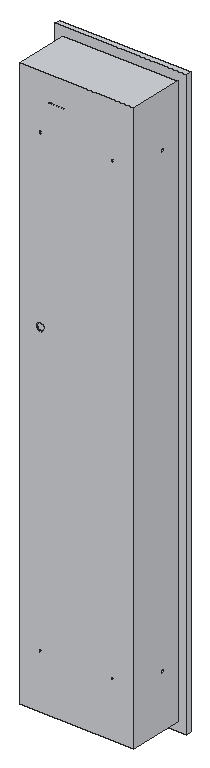
Revit family "AX9243E_0014", category Appareils sanitaires, Revit 2016
Family settings
  Hôte = Mur
  Type d'élément = Normal
  Cote de connecteur circulaire = Utiliser le diamètre
  Numéro OmniClass = 23.75.00.00
  Titre OmniClass = Climate Control (HVAC)
  Toujours verticalement = Oui
  Couper avec des vides une fois chargée = Non
  Partagée = Non
  Point de calcul de pièce = Non
Parameters (values of type "Type 1")
  URL = "http://www.axeuro.com/fr/combines-3-en-1/24819-combine-3-en-1-seche-mains-electronique-distributeur-d-essuie-mains-et-poubelle-ax9243e.html?search_query=ax9243e&results=3"
  Référence / Reference = "AX9243E, AX9243E-MBK"  # constant formula
  Model = ""
  Manufacturer = ""
  Entreprise / Company = "Axeuro"  # constant formula
  Description = "Combiné intégral 3 en 1 / 3 in 1 combo unit"  # constant formula
Reference planes
  plane 1 "Mur": y = 0
  plane 2 "Centre (gauche/droite)": x = 0
  plane 3 "Arrière": y = 75
  plane 4: z = 0
  plane 5: x = 400
  plane 6: z = 1880
  plane 7: x = -400
Forms (mm)
  Extrusion 1, solid
    sketch origin (-314.335, 75, 107.897) x (1, 0, 0) y (0, 0, 1)
      loop
        line (499.335, -1) -> (499.335, 1666) -> (129.335, 1666) -> (129.335, -1) -> (499.335, -1)
    from 0 to -15
  Extrusion 2, solid
    sketch origin (18.373, 75, -5.016) x (1, 0, 0) y (0, 0, 1)
      loop
        line (142.628, 1753.994) -> (-179.373, 1753.994) -> (-179.373, 135.994) -> (142.628, 135.994) -> (142.628, 1753.994)
    from 154 to 0
  Extrusion 3, solid, not visible
    sketch origin (-313.379, 75, 0) x (1, 0, 0) y (0, 0, 1)
      loop
        line (499.335, 0) -> (499.335, 1666) -> (127.335, 1666) -> (127.335, 0) -> (499.335, 0)
    from -150 to -165
  Extrusion 4, solid, not visible
    sketch origin (19.872, 75, -111.185) x (1, 0, 0) y (0, 0, 1)
      loop
        line (140.128, 1750.994) -> (-179.872, 1750.994) -> (-179.872, 134.994) -> (140.128, 134.994) -> (140.128, 1750.994)
    from 0 to -150
  Extrusion 5, void
    sketch origin (-129.609, 75, 118.374) x (1, 0, 0) y (0, 0, 1)
      loop
        line (267.578, 1005.523) -> (-8.422, 1005.523) -> (-8.422, 854.523) -> (267.578, 854.523) -> (267.578, 1005.523)
    from 75 to -15
  Extrusion 6, void
    sketch origin (-129.609, 75, 447.374) x (1, 0, 0) y (0, 0, 1)
      loop
        line (267.578, 1005.523) -> (-8.422, 1005.523) -> (-8.422, 854.523) -> (267.578, 854.523) -> (267.578, 1005.523)
    from 75 to -15
  Extrusion 7, void
    sketch origin (-129.609, 75, -72.626) x (1, 0, 0) y (0, 0, 1)
      loop
        line (267.578, 1005.523) -> (-8.422, 1005.523) -> (-8.422, 854.523) -> (267.578, 854.523) -> (267.578, 1005.523)
    from 75 to -15
  Extrusion 8, solid
    sketch origin (1.146, 75, -41.581) x (1, 0, 0) y (0, 0, 1)
      loop
        circle (125.604, 1575.159) r 8.25
    from -15 to -12.919
  Extrusion 9, void
    sketch origin (0, -155.988, 6.191) x (0, 1, 0) y (0, 0, 1)
      loop
        circle (174.988, 1591.787) r 6
    from -162.5 to 162.5
  Extrusion 10, void
    sketch origin (0, -155.988, -1309.809) x (0, 1, 0) y (0, 0, 1)
      loop
        circle (174.988, 1591.787) r 6
    from -162.5 to 162.5
  Extrusion 11, solid, not visible
    sketch origin (-312.721, 75, 103.978) x (1, 0, 0) y (0, 0, 1)
      loop
        line (499.335, 0) -> (499.335, 1666) -> (127.335, 1666) -> (127.335, 0) -> (499.335, 0)
    from -150 to -165
  Extrusion 12, solid, not visible
    sketch origin (20.531, 75, -7.207) x (1, 0, 0) y (0, 0, 1)
      loop
        line (140.128, 1750.994) -> (-179.872, 1750.994) -> (-179.872, 134.994) -> (140.128, 134.994) -> (140.128, 1750.994)
    from 0 to -150
  Extrusion 13, void, not visible
    sketch origin (-129.609, 75, 118.455) x (1, 0, 0) y (0, 0, 1)
      loop
        line (267.578, 1005.523) -> (-8.422, 1005.523) -> (-8.422, 854.523) -> (267.578, 854.523) -> (267.578, 1005.523)
    from -68.448 to -165
  Extrusion 14, void, not visible
    sketch origin (-129.609, 75, 447.702) x (1, 0, 0) y (0, 0, 1)
      loop
        line (267.578, 1005.523) -> (-8.422, 1005.523) -> (-8.422, 854.523) -> (267.578, 854.523) -> (267.578, 1005.523)
    from -68.448 to -165
  Extrusion 15, void, not visible
    sketch origin (-129.609, 75, -72.545) x (1, 0, 0) y (0, 0, 1)
      loop
        line (267.578, 1005.523) -> (-8.422, 1005.523) -> (-8.422, 854.523) -> (267.578, 854.523) -> (267.578, 1005.523)
    from -68.448 to -165
  Extrusion 16, solid, not visible
    sketch origin (2.754, 75, -43.399) x (1, 0, 0) y (0, 0, 1)
      loop
        circle (125.604, 1575.159) r 8.25
    from -166.101 to -165
  Extrusion 17, solid, not visible
    sketch origin (2.754, 75, -880.931) x (1, 0, 0) y (0, 0, 1)
      loop
        circle (125.604, 1575.159) r 8.25
    from -166.101 to -165
  Extrusion 18, void, not visible
    sketch origin (0, 0, 0) x (0, 1, 0) y (0, 0, 1)
      loop
        circle (174.988, 1591.787) r 6
    from -207.751 to 200.227
  Extrusion 19, void, not visible
    sketch origin (0, 0, -1312.023) x (0, 1, 0) y (0, 0, 1)
      loop
        circle (174.988, 1591.787) r 6
    from -207.751 to 200.227
  Extrusion 20, void
    sketch origin (-1.608, 75, 1.819) x (1, 0, 0) y (0, 0, 1)
      loop
        circle (128.358, 1531.759) r 8.3
    from -16.315 to -10.322
  Extrusion 21, void
    sketch origin (-1.772, 75, 1.389) x (1, 0, 0) y (0, 0, 1)
      loop
        line (129.522, 1537.139) -> (127.522, 1537.139) -> (127.522, 1527.239) -> (129.522, 1527.239) -> (129.522, 1537.139)
    from -15 to -12.919
  Extrusion 22, void
    sketch origin (17.812, -4.886, 9.494) x (1, 0, 0) y (0, 0, 1)
      loop
        circle (-120.312, 1093.484) r 11
    from 72.722 to 75
  Extrusion 23, solid
    sketch origin (1.146, 75, -878.012) x (1, 0, 0) y (0, 0, 1)
      loop
        circle (125.604, 1575.159) r 8.25
    from -15 to -12.919
  Extrusion 24, void
    sketch origin (-1.772, 75, -835.043) x (1, 0, 0) y (0, 0, 1)
      loop
        line (129.522, 1537.139) -> (127.522, 1537.139) -> (127.522, 1527.239) -> (129.522, 1527.239) -> (129.522, 1537.139)
    from -15 to -12.919
  Extrusion 25, void
    sketch origin (33.659, 0, 9.866) x (1, 0, 0) y (0, 0, 1)
      loop
        circle (68.341, 1585.03) r 3
    from 75 to 79
  Extrusion 26, void
    sketch origin (-170.341, 0, 9.866) x (1, 0, 0) y (0, 0, 1)
      loop
        circle (68.341, 1585.03) r 3
    from 75 to 79
  Extrusion 27, void
    sketch origin (33.659, 0, -1300.134) x (1, 0, 0) y (0, 0, 1)
      loop
        circle (68.341, 1585.03) r 3
    from 75 to 79
  Extrusion 28, void
    sketch origin (-170.341, 0, -1300.134) x (1, 0, 0) y (0, 0, 1)
      loop
        circle (68.341, 1585.03) r 3
    from 75 to 79
Cuts and joins
  Extrusion 5, Extrusion 6, Extrusion 7, Extrusion 9, Extrusion 10, Extrusion 20, Extrusion 21, Extrusion 22, Extrusion 25, Extrusion 26, Extrusion 27, Extrusion 28 cuts Extrusion 2
  Extrusion 5, Extrusion 6, Extrusion 7, Extrusion 20, Extrusion 21 cuts Extrusion 1
  Extrusion 21, Extrusion 24 cuts Extrusion 8
  Extrusion 24 cuts Extrusion 23
Text (mm)
  text "Côté de la mise en place" at (-1820.995, 1116.779, 0), in view "Niveau de réf."
  text "Côté de la mise en place" at (0, 1334.055, 2976.191), in view "Gauche"
  text "Côté de la mise en place" at (0, 439.194, 2944.362), in view "Droite"
Dimensions and locks
  locked: plane 3 "Arrière" to host wall
  aligned and locked: plane 1 "Mur" to host wall
  aligned and locked: host sketch curve to plane 7
  aligned and locked: host sketch curve to plane 4
  aligned and locked: host sketch curve to plane 5
  aligned and locked: host sketch curve to plane 6
